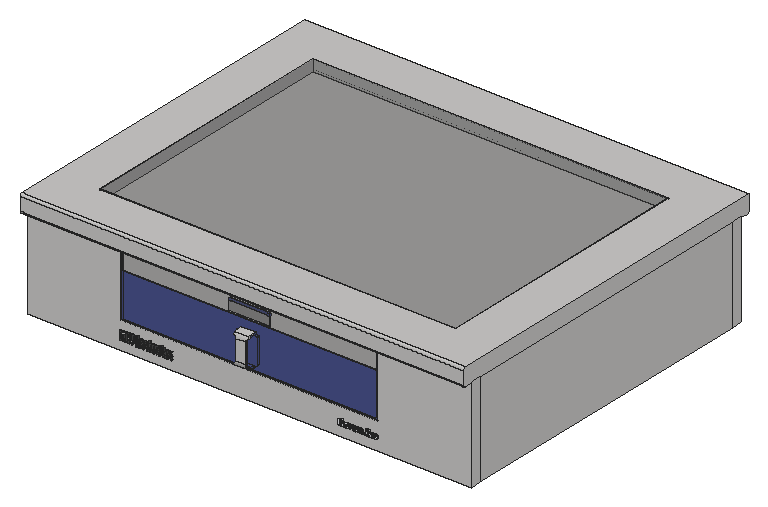
Revit family "QF_ELECTROLUXPROFESSIONAL_588096_MARBAAJOBO", category Attrezzature speciali, Revit 2020
Family settings
  Quota connettore circolare = Usa diametro
  Tipo di parte = Normale
  Basato su piano di lavoro = No
  Sempre verticale = Sì
  Taglio con vuoti quando caricato = No
  Condiviso = No
  Punto di calcolo locali = No
Parameters (values of type "Standard")
  Weight = 38.00 kg
  Watts = 950 W
  Volts = 230 V
  URL Manufacturer = "https://www.electroluxprofessional.com/"
  URL = "https://www.electroluxprofessional.com/"
  Steam Supply Size = 0"
  Steam Supply Minimum Pressure = 0.00 psi
  Steam Supply Maximum Pressure = 0.00 psi
  Steam Consumption per Hour = 0
  Refrigeration Suction Line Size = 0 mm
  Refrigeration Liquid Line Size = 0 mm
  Refrigerant Compressor Remote = yes
  Prospetto di default = 0 mm
  Phase = 1
  Modello = "MARBAAJOBO"
  Produttore = "Electrolux Professional"
  Length Actual = 1000 mm  # constant formula
  Item Number = "588096"
  Hot Water Size = 0"
  Height Actual = 250 mm  # constant formula
  HP = "1.3 HP"
  Gas Size = 0"
  Gas KW = 0
  Gas Input Pressure = 0.0 Btu/h
  Direct Waste Size = 0"
  Descrizione = "EL.WARMING PLATE,1S,1000X800X250H"
  Depth Actual = 800 mm  # constant formula
  Cycle = 50 Hz
  Condensate Return Size = 0"
  Compressed Air Volume = 0 GPM
  Compressed Air Size = 0"
  Compressed Air Pressure = 0.00 psi
  Cold Water Size = 0"
  Accessory = yes
Reference planes
  plane 1 "BACK": y = 0
  plane 2: z = 0
  plane 3 "LEFT": x = 0
  plane 4 "RIGHT": x = 1000
  plane 5 "FRONT": y = -800
  plane 6 "TOP": z = 900
  plane 7 "Center (Left/Right)": x = 500
  plane 8: y = -400
  plane 9: y = -150
  plane 10: x = 100
  plane 11: x = 900
  plane 12: y = -100
  plane 13: y = -700
  plane 14 "EIx": x = 955
  plane 15 "EIy": y = -585
  plane 16: z = 938
  plane 17 "BaseTop": z = 650
  plane 18: y = -755
Forms (mm)
  Extrusion 1, solid, material "QF_Finishes_Stainless Steel"
    sketch origin (-178.969, -4572, 100) x (-1, 0, 0) y (0, -1, 0)
      loop
        line (-178.969, -4527) -> (-178.969, -3817) -> (-1178.969, -3817) -> (-1178.969, -4527) -> (-178.969, -4527)
    from 550 to 762.969
  Extrusion 2, solid, material "QF_Finishes_Stainless Steel"
    sketch origin (0, 0, 650) x (-1, 0, 0) y (0, -1, 0)
      loop
        circle (-955, 585) r 6.35
    from 0 to -11.851
  Extrusion 3, solid, material "QF_Finishes_Stainless Steel"
    sketch origin (500, 296.4, 1219.2) x (0, 1, 0) y (0, 0, 1)
      loop
        line (-296.4, -319.2) -> (-1091.4, -319.2)
        arc (-1091.4, -319.2) -> (-1094.935, -320.664) -> (-1096.4, -324.2) r 5
        line (-1096.4, -324.2) -> (-1096.4, -355.2)
        arc (-1096.4, -355.2) -> (-1094.971, -358.264) -> (-1091.705, -359.139) r 4
        line (-1091.705, -359.139) -> (-1076.4, -356.231) -> (-316.4, -356.231) -> (-301.094, -359.139)
        arc (-301.094, -359.139) -> (-297.829, -358.264) -> (-296.4, -355.2) r 4
        line (-296.4, -355.2) -> (-296.4, -319.2)
    from -500 to 500
  Extrusion 4, solid, material "QF_Finishes_Electrolux_Black Smoke Iluminated"
    sketch origin (0, 0, 900) x (-1, 0, 0) y (0, -1, 0)
      loop
        line (-100, 100) -> (-100, 700) -> (-900, 700) -> (-900, 100) -> (-100, 100)
    from 1 to -20
  Extrusion 5, void
    sketch origin (0, 0, 900) x (-1, 0, 0) y (0, -1, 0)
      loop
        line (-100, 700) -> (-900, 700) -> (-900, 100) -> (-100, 100) -> (-100, 700)
    from 0 to -25
  Extrusion 6, solid, material "QF_Finishes_Stainless Steel"
    sketch origin (500, 296.4, 1219.2) x (0, 1, 0) y (0, 0, 1)
      loop
        line (-341.4, -569.2) -> (-316.4, -569.2) -> (-316.4, -356.231) -> (-341.4, -356.231) -> (-341.4, -569.2)
    from 500 to -500
Cuts and joins
  Extrusion 5 cuts Extrusion 3
Lines and regions (mm)
  symbolic lines
    curve 1: line (0, 0, 100) -> (1000, 0, 100)
    curve 2: line (0, -800, 100) -> (0, 0, 100)
    curve 3: line (1000, -800, 100) -> (0, -800, 100)
    curve 4: line (1000, 0, 100) -> (1000, -800, 100)
    curve 5: line (100, -700, 0) -> (900, -700, 0)
    curve 6: line (900, -700, 0) -> (900, -100, 0)
    curve 7: line (900, -100, 0) -> (100, -100, 0)
    curve 8: line (100, -100, 0) -> (100, -700, 0)
Dimensions and locks
  plane 3 "LEFT" to plane 4 "RIGHT" = 1000 mm
  locked: plane 5 "FRONT" to plane 1 "BACK" at 800
  equal spacing: plane 3 "LEFT", plane 7 "Center (Left/Right)", plane 4 "RIGHT"
  equal spacing: plane 5 "FRONT", plane 8, plane 1 "BACK"
  plane 6 "TOP" to level = 900 mm  (x2)
  plane 1 "BACK" to plane 9 = 150 mm
  plane 1 "BACK" to Extrusion 2 = 585 mm
  locked: plane 14 "EIx" to plane 4 "RIGHT" at 45
  locked: plane 15 "EIy" to plane 1 "BACK" at 585
  plane 16 to plane 6 "TOP" = 38 mm
  locked: plane 12 to plane 1 "BACK" at 100
  locked: plane 5 "FRONT" to plane 13 at 100
  plane 3 "LEFT" to plane 10 = 100 mm
  plane 11 to plane 4 "RIGHT" = 100 mm
  locked: plane 6 "TOP" to plane 17 "BaseTop" at 250
  locked: plane 18 to plane 5 "FRONT" at 45
  aligned and locked: level to plane 2
  aligned and locked: cut or joined group of Extrusion 3, Extrusion 5 to plane 3 "LEFT"
  aligned and locked: cut or joined group of Extrusion 3, Extrusion 5 to plane 4 "RIGHT"
  aligned and locked: Extrusion 5 sketch curve to plane 10
  aligned and locked: plane 12 to Extrusion 5 sketch curve
  aligned and locked: plane 11 to Extrusion 5 sketch curve
  aligned and locked: Extrusion 5 sketch curve to plane 13
  aligned and locked: plane 12 to Extrusion 4 sketch curve
  aligned and locked: Extrusion 4 sketch curve to plane 10
  aligned and locked: Extrusion 4 sketch curve to plane 13
  aligned and locked: plane 11 to Extrusion 4 sketch curve
  aligned and locked: nested 1 to plane 18
  aligned and locked: Extrusion 1 to plane 18
  aligned and locked: Extrusion 6 to plane 4 "RIGHT"
  aligned and locked: Extrusion 6 to plane 3 "LEFT"
Automatic sketch dimensions
  Extrusion 3 sketch curve to plane 5 "FRONT" = 0 mm
  Extrusion 3 sketch curve to plane 6 "TOP" = 0 mm
  Extrusion 3 sketch curve to plane 1 "BACK" = 0 mm
  Extrusion 3 sketch curve to plane 5 "FRONT" = 4 mm
  Extrusion 3 sketch curve to Extrusion 3 sketch curve = 0.695 mm
  Extrusion 3 sketch curve to plane 5 "FRONT" = 5 mm
  Extrusion 3 sketch curve to Extrusion 3 sketch curve = 15.305 mm
  plane 1 "BACK" to Extrusion 3 sketch curve = 20 mm
  plane 1 "BACK" to Extrusion 3 sketch curve = 4.695 mm
  Extrusion 3 sketch curve to Extrusion 3 sketch curve = 4 mm
  Extrusion 3 sketch curve to Extrusion 3 sketch curve = 31 mm
  Extrusion 3 sketch curve to plane 6 "TOP" = 36 mm
  Extrusion 3 sketch curve to Extrusion 3 sketch curve = 2.909 mm
  Extrusion 1 sketch curve to plane 4 "RIGHT" = 0 mm
  Extrusion 1 sketch curve to plane 3 "LEFT" = 0 mm
  plane 1 "BACK" to Extrusion 1 sketch curve = 45 mm
  plane 1 "BACK" to curve 1 = 0 mm
  curve 1 to plane 4 "RIGHT" = 0 mm
  curve 2 to plane 3 "LEFT" = 0 mm
  plane 5 "FRONT" to curve 3 = 0 mm
  curve 5 to plane 10 = 0 mm
  curve 5 to plane 11 = 0 mm
  plane 13 to curve 6 = 0 mm
  plane 12 to curve 6 = 0 mm
  Extrusion 2 sketch curve to plane 14 "EIx" = 0 mm
  Extrusion 2 sketch curve to plane 15 "EIy" = 0 mm
  Extrusion 1 sketch curve to plane 5 "FRONT" = 45 mm
  Extrusion 6 sketch curve to plane 17 "BaseTop" = 0 mm
  plane 1 "BACK" to Extrusion 6 sketch curve = 45 mm
  plane 1 "BACK" to Extrusion 6 sketch curve = 20 mm
  Extrusion 6 sketch curve to plane 6 "TOP" = 37.031 mm
  radius of Extrusion 2 sketch curve = 6.35 mm
Nested families
  nested 1: "Front_Panel_W1000_1 Knob" at (302.376, -755, 0), type "Front_Panel_W1000_1 Knob"
Connectors
  electrical at (955, -585, 638.149)
    settings: on Extrusion 2, index 1, voltage 400 V, apparent load 33000 VA, apparent load phase1 0 VA, apparent load phase2 0 VA, apparent load phase3 0 VA, power factor 1, load classification "Other", number of poles 1, system type 30, power factor state 1, is connector primary yes, connector utility no, sub classification motor no, connector description "ELECTRICAL CONNECTION"
Definition of nested family "Front_Panel_W1000_1 Knob"
  Parameters
    Width = 1000 mm
    Default Elevation = 0 mm
  Reference planes
    plane 1 "Center (Front/Back)": y = 0
    plane 2: z = 0
    plane 3 "Center (Left/Right)": x = 197.624
    plane 4 "Left": x = -302.376
    plane 5 "Right": x = 697.624
    plane 6: y = -45
    plane 7: y = -25
    plane 8: x = 487.624
    plane 9: x = -92.376
  Forms (mm)
    Extrusion 1, solid
      sketch origin (833.217, 829.203, -1.25) x (0, 1, 0) y (0, 0, 1)
        loop
          line (-854.203, 651.25) -> (-829.203, 651.25) -> (-829.203, 864.25) -> (-854.203, 864.25) -> (-854.203, 651.25)
      from -1135.593 to -135.593
    Extrusion 2, void
      sketch origin (0, 0, 0) x (1, 0, 0) y (0, 0, 1)
        loop
          line (-92.376, 853.866) -> (-92.376, 711.866) -> (487.624, 711.866) -> (487.624, 853.866) -> (-92.376, 853.866)
      from 19.387 to 33.951
  Cuts and joins
    Extrusion 2 cuts Extrusion 1
  Dimensions and locks
    equal spacing: plane 5 "Right", plane 3 "Center (Left/Right)", plane 4 "Left"
    "Width": plane 5 "Right" to plane 4 "Left"
    aligned and locked: cut or joined group of Extrusion 1, Extrusion 2 to plane 4 "Left"
    aligned and locked: plane 5 "Right" to cut or joined group of Extrusion 1, Extrusion 2
    aligned and locked: plane 3 "Center (Left/Right)" to nested 1
    aligned and locked: cut or joined group of Extrusion 1, Extrusion 2 to nested 1
    aligned and locked: plane 9 to Extrusion 2 sketch curve
    aligned and locked: Extrusion 2 sketch curve to plane 8
    aligned and locked: plane 9 to cut or joined group of Extrusion 1, Extrusion 2
    aligned and locked: plane 8 to cut or joined group of Extrusion 1, Extrusion 2
    aligned and locked: nested 4 to plane 9
  Automatic sketch dimensions
    Extrusion 1 sketch curve to plane 1 "Center (Front/Back)" = 0 mm
    level to Extrusion 1 sketch curve = 650 mm
    level to Extrusion 2 sketch curve = 711.866 mm
    Extrusion 2 sketch curve to Extrusion 2 sketch curve = 142 mm
    Extrusion 1 sketch curve to plane 6 = 20 mm
    Extrusion 1 sketch curve to Extrusion 1 sketch curve = 213 mm
  Nested families
    nested 1: "Front glass control panel W580_1 Knob" at (197.624, 280.644, 2.752), type "Front glass control panel W580_1 Knob"
    nested 2: "Range Control Handle" at (197.624, -28.137, -209.113) x (-1, 0, 0) z (0, 0, 1), type "Range Control Handle"
    nested 3: "ELX_ThermaLine_Small" at (439.031, -25, 679.426) x (1, 0, 0) z (0, -1, 0), type "ELX_ThermaLine_Small"
      with Show Logo yes, Material_Logo none
    nested 4: "ELX_Professional_Logo_Small" at (-32.89, -25, 681.659) x (1, 0, 0) z (0, -1, 0), type "ELX_Professional_Logo_Small"
      with Show Logo yes, Material_Logo none
  Definition of nested family "Front glass control panel W580_1 Knob"
    Parameters
      Default Elevation = 0 mm
    Reference planes
      plane 1 "Center (Front/Back)": y = 0
      plane 2: z = 0
      plane 3 "Center (Left/Right)": x = 0
    Forms (mm)
      Extrusion 1, solid
        sketch origin (378.286, 0, 0.617) x (1, 0, 0) y (0, 0, 1)
          loop
            line (-668.286, 806.791) -> (-668.286, 708.497) -> (-88.286, 708.497) -> (-88.286, 806.791) -> (-668.286, 806.791)
        from 300.031 to 304.8
      Extrusion 2, solid
        sketch origin (378.286, 0, 0.617) x (1, 0, 0) y (0, 0, 1)
          loop
            line (-668.286, 850.497) -> (-668.286, 806.791) -> (-88.286, 806.791) -> (-88.286, 850.497) -> (-668.286, 850.497)
        from 300.031 to 304.8
      Extrusion 3, void
        sketch origin (378.286, 0, 0.617) x (1, 0, 0) y (0, 0, 1)
          loop
            line (-665.628, 847.565) -> (-665.628, 710.699) -> (-91.196, 710.699) -> (-91.196, 847.565) -> (-665.628, 847.565)
        from 303.697 to 304.8
      Extrusion 4, solid
        sketch origin (308.309, 1.101, -0.633) x (1, 0, 0) y (0, 0, 1)
          loop
            line (-261.431, 812.62) -> (-261.431, 834.177) -> (-266.24, 834.177) -> (-268.039, 835.977) -> (-348.469, 835.977) -> (-350.269, 834.177) -> (-355.186, 834.177) -> (-355.186, 812.62) -> (-261.431, 812.62)
        from 304.798 to 306.745
      Extrusion 5, solid
        sketch origin (308.309, 1.101, -0.633) x (1, 0, 0) y (0, 0, 1)
          loop
            line (-350.269, 834.177) -> (-348.469, 835.977) -> (-268.039, 835.977) -> (-266.24, 834.177) -> (-261.529, 834.177)
            arc (-261.529, 834.177) -> (-262.706, 838.752) -> (-266.98, 840.763) r 5.549
            line (-266.98, 840.763) -> (-349.686, 840.763)
            arc (-349.686, 840.763) -> (-353.942, 838.747) -> (-355.078, 834.177) r 5.5
            line (-355.078, 834.177) -> (-350.269, 834.177)
        from 304.798 to 306.745
    Cuts and joins
      Extrusion 3 cuts Extrusion 1
      Extrusion 3 cuts Extrusion 2
    Dimensions and locks
      equal spacing: cut or joined group of Extrusion 2, Extrusion 3, plane 3 "Center (Left/Right)", cut or joined group of Extrusion 2, Extrusion 3
      cut or joined group of Extrusion 2, Extrusion 3 to cut or joined group of Extrusion 2, Extrusion 3 = 580 mm
      aligned and locked: Extrusion 1 to Extrusion 2
      aligned and locked: Extrusion 5 sketch curve to Extrusion 4  (x4)
      aligned and locked: Extrusion 4 to Extrusion 5 sketch curve
      aligned and locked: Extrusion 5 to Extrusion 4
    Automatic sketch dimensions
      Extrusion 1 sketch curve to plane 3 "Center (Left/Right)" = 290 mm
      plane 3 "Center (Left/Right)" to Extrusion 1 sketch curve = 290 mm
      level to Extrusion 1 sketch curve = 709.114 mm
      Extrusion 1 sketch curve to Extrusion 1 sketch curve = 98.294 mm
      Extrusion 2 sketch curve to plane 3 "Center (Left/Right)" = 290 mm
      plane 3 "Center (Left/Right)" to Extrusion 2 sketch curve = 290 mm
      level to Extrusion 2 sketch curve = 807.408 mm
      Extrusion 2 sketch curve to Extrusion 2 sketch curve = 43.706 mm
      Extrusion 3 sketch curve to plane 3 "Center (Left/Right)" = 287.342 mm
      plane 3 "Center (Left/Right)" to Extrusion 3 sketch curve = 287.091 mm
      level to Extrusion 3 sketch curve = 711.316 mm
      Extrusion 3 sketch curve to Extrusion 3 sketch curve = 136.866 mm
      Extrusion 4 sketch curve to plane 3 "Center (Left/Right)" = 46.877 mm
      Extrusion 4 sketch curve to Extrusion 4 sketch curve = 4.917 mm
      Extrusion 4 sketch curve to Extrusion 4 sketch curve = 1.8 mm  (x3)
      plane 3 "Center (Left/Right)" to Extrusion 4 sketch curve = 40.269 mm
      Extrusion 4 sketch curve to Extrusion 4 sketch curve = 4.809 mm
      level to Extrusion 4 sketch curve = 811.987 mm
      Extrusion 4 sketch curve to Extrusion 4 sketch curve = 21.557 mm  (x2)
      Extrusion 5 sketch curve to Extrusion 5 sketch curve = 4.809 mm
      Extrusion 5 sketch curve to Extrusion 5 sketch curve = 0.583 mm
      plane 3 "Center (Left/Right)" to Extrusion 5 sketch curve = 40.269 mm
      Extrusion 5 sketch curve to Extrusion 5 sketch curve = 1.059 mm
      Extrusion 5 sketch curve to Extrusion 5 sketch curve = 0.741 mm
      Extrusion 5 sketch curve to Extrusion 5 sketch curve = 4.711 mm
      Extrusion 5 sketch curve to Extrusion 5 sketch curve = 1.037 mm
  Definition of nested family "Range Control Handle"
    Parameters
      Default Elevation = 0 mm
    Reference planes
      plane 1 "Center (Front/Back)": y = 0
      plane 2: z = 0
      plane 3 "Center (Left/Right)": x = 0
      plane 4: z = 971.092
      plane 5: y = -16.9
    Forms (mm)
      Extrusion 1, solid
        sketch origin (-746.28, 380.497, 208.931) x (-1, 0, 0) y (0, 0, 1)
          loop
            line (-770.101, 786.798) -> (-770.101, 731.649)
            arc (-770.101, 731.649) -> (-769.759, 730.563) -> (-768.855, 729.87) r 1.893
            line (-768.855, 729.87) -> (-763.474, 727.911) -> (-729.81, 727.911) -> (-724.428, 729.87)
            arc (-724.428, 729.87) -> (-723.525, 730.563) -> (-723.183, 731.649) r 1.893
            line (-723.183, 731.649) -> (-723.183, 786.798)
            arc (-723.183, 786.798) -> (-723.529, 787.894) -> (-724.44, 788.593) r 1.91
            line (-724.44, 788.593) -> (-729.683, 790.819) -> (-763.601, 790.819) -> (-768.844, 788.593)
            arc (-768.844, 788.593) -> (-769.755, 787.894) -> (-770.101, 786.798) r 1.91
        from -382.35 to -378.852
      Sweep 2, solid
        path origin (-746.788, 380.496, 208.091) x (0, -1, 0) y (0, 0, 1)
          loop
            line (379.775, 793.281) -> (395.661, 791.048)
            arc (395.661, 791.048) -> (397.781, 787.377) -> (398.517, 783.202) r 12.207
            line (398.517, 783.202) -> (398.517, 737.368)
            arc (398.517, 737.368) -> (397.781, 733.193) -> (395.661, 729.522) r 12.207
            line (395.661, 729.522) -> (379.775, 727.289)
        profile origin (-746.788, -7.222, 1000.256) x (0, -0.139173, 0.990268) y (-1, 0, 0)
          loop
            line (0.782, -763.123) -> (0.782, -730.907) -> (-1.322, -730.907) -> (-1.322, -763.123) -> (0.782, -763.123)
      Sweep 3, solid
        path origin (-746.788, 380.715, 207.832) x (0, -1, 0) y (0, 0, 1)
          loop
            line (380.478, 795.442) -> (397.218, 793.09)
            arc (397.218, 793.09) -> (399.929, 788.473) -> (400.871, 783.202) r 15.207
            line (400.871, 783.202) -> (400.871, 737.584)
            arc (400.871, 737.584) -> (399.914, 732.274) -> (397.164, 727.633) r 15.207
            line (397.164, 727.633) -> (380.601, 725.305)
        profile origin (-746.788, -8.132, 1002.099) x (0, -0.139173, 0.990268) y (-1, 0, 0)
          loop
            line (0.782, -763.123) -> (0.782, -730.907) -> (-1.322, -730.907) -> (-1.322, -763.123) -> (0.782, -763.123)
      Extrusion 4, void
        sketch origin (889.253, 220.666, 207.993) x (1, 0, 0) y (0, 0, 1)
          loop
            line (-943.038, 816.854) -> (-943.038, 703.686) -> (-899.466, 734.196) -> (-899.466, 786.344) -> (-943.038, 816.854)
        from 230.636 to 242.25
      Extrusion 5, void
        sketch origin (-888.8, 220.666, 207.993) x (-1, 0, 0) y (0, 0, -1)
          loop
            line (-943.038, -816.854) -> (-899.466, -786.344) -> (-899.466, -734.196) -> (-943.038, -703.686) -> (-943.038, -816.854)
        from 230.636 to 242.25
      Extrusion 6, solid
        sketch origin (0, 0, 0) x (1, 0, 0) y (0, 0, 1)
          loop
            circle (0, 971.092) r 7.736
        from -3.137 to -1.645
    Cuts and joins
      Extrusion 4, Extrusion 5 cuts Sweep 3
      Extrusion 4, Extrusion 5 cuts Sweep 2
      joined: Extrusion 1, Extrusion 6
    Lines and regions (mm)
      symbolic lines
        curve 1: line (16.334, -16.9, 0) -> (16.334, -19.227, 0)
        curve 2: spline (16.334, -19.227, 0) -> (15.87, -19.385, 0) -> (15.404, -19.536, 0) -> (14.936, -19.678, 0) -> (14.466, -19.813, 0) -> (13.995, -19.94, 0) -> (13.523, -20.059, 0) -> (13.049, -20.171, 0) -> (12.575, -20.274, 0) -> (12.099, -20.37, 0) -> (11.622, -20.458, 0) -> (11.144, -20.537, 0) -> (10.666, -20.609, 0)
        curve 3: line (10.666, -16.9, 0) -> (10.666, -20.938, 0)
        curve 4: line (-10.213, -20.938, 0) -> (10.666, -20.938, 0)
        curve 5: line (-10.213, -20.938, 0) -> (-10.213, -16.9, 0)
        curve 6: spline (-10.213, -20.609, 0) -> (-10.691, -20.537, 0) -> (-11.169, -20.458, 0) -> (-11.646, -20.37, 0) -> (-12.122, -20.274, 0) -> (-12.597, -20.171, 0) -> (-13.07, -20.059, 0) -> (-13.542, -19.94, 0) -> (-14.013, -19.813, 0) -> (-14.483, -19.678, 0) -> (-14.951, -19.536, 0) -> (-15.417, -19.385, 0) -> (-15.881, -19.227, 0)
        curve 7: line (-15.881, -19.227, 0) -> (-15.881, -16.9, 0)
  Definition of nested family "ELX_ThermaLine_Small"
    Parameters
      Show Logo [instance] = yes
      Material_Logo [instance] = none
      Default Elevation = 0 mm
    Reference planes
      plane 1 "Centro (Fronte/Retro)": y = 0
      plane 2: z = 0
      plane 3 "Centro (Sinistra/Destra)": x = 0
    Forms (mm)
      Extrusion 1, solid
        sketch origin (0, 0, 0) x (1, 0, 0) y (0, 1, 0)
          loop
            line (-1219.2, 1219.2) -> (-1219.2, -1219.2) -> (1219.2, -1219.2) -> (1219.2, 1219.2) -> (-1219.2, 1219.2)
        from 0 to -304.8
      Extrusion 2, solid
        sketch origin (0, 0, 0) x (1, 0, 0) y (0, 1, 0)
          loop
            line (-37.494, 1.229) -> (-35.908, 1.229) -> (-35.908, 3.066) -> (-37.494, 3.066) -> (-37.494, 6.221) -> (-39.867, 4.881) -> (-39.867, 3.066) -> (-40.969, 3.066) -> (-40.969, 1.229) -> (-39.867, 1.229) -> (-39.867, -3.407)
            arc (-39.867, -3.407) -> (-38.982, -5.513) -> (-36.751, -6.001) r 2.478
            line (-36.751, -6.001) -> (-35.638, -5.7) -> (-35.9, -3.835) -> (-36.661, -4.039)
            arc (-36.661, -4.039) -> (-37.236, -3.924) -> (-37.494, -3.399) r 0.662
            line (-37.494, -3.399) -> (-37.494, 1.229)
          loop
            line (-34.242, 6.539) -> (-34.242, -5.848) -> (-31.854, -5.848) -> (-31.854, -0.078)
            arc (-31.854, -0.078) -> (-30.939, 1.249) -> (-29.33, 1.367) r 1.866
            arc (-29.33, 1.367) -> (-28.695, 0.768) -> (-28.461, -0.073) r 1.627
            line (-28.461, -0.073) -> (-28.461, -5.848) -> (-26.086, -5.848) -> (-26.064, -0.46)
            arc (-26.064, -0.46) -> (-26.261, 0.932) -> (-26.786, 2.237) r 5.825
            arc (-26.786, 2.237) -> (-29.381, 3.264) -> (-31.854, 1.971) r 3.353
            line (-31.854, 1.971) -> (-31.854, 6.539) -> (-34.242, 6.539)
          loop
            arc (-18.398, -0.598) -> (-18.893, 0.879) -> (-20.326, 1.487) r 1.897
            arc (-20.326, 1.487) -> (-21.461, 0.708) -> (-21.897, -0.598) r 2.164
            line (-21.897, -0.598) -> (-18.398, -0.598)
          loop
            arc (-16.021, -2.044) -> (-16.754, 1.227) -> (-19.444, 3.226) r 4.814
            arc (-19.444, 3.226) -> (-22.137, 2.788) -> (-23.943, 0.743) r 4.054
            arc (-23.943, 0.743) -> (-24.382, -1.249) -> (-24.162, -3.276) r 6.289
            arc (-24.162, -3.276) -> (-23.302, -4.71) -> (-21.958, -5.705) r 4.28
            arc (-21.958, -5.705) -> (-18.558, -5.814) -> (-16.152, -3.409) r 4.28
            line (-16.152, -3.409) -> (-18.5, -2.995)
            arc (-18.5, -2.995) -> (-19.273, -3.994) -> (-20.533, -4.076) r 1.536
            arc (-20.533, -4.076) -> (-21.56, -3.281) -> (-21.958, -2.044) r 2.197
            line (-21.958, -2.044) -> (-16.021, -2.044)
          loop
            line (-14.165, -5.848) -> (-11.819, -5.848) -> (-11.819, -2.138)
            arc (-11.819, -2.138) -> (-11.787, -1.156) -> (-11.637, -0.185) r 8.18
            arc (-11.637, -0.185) -> (-10.644, 0.972) -> (-9.132, 0.776) r 1.603
            line (-9.132, 0.776) -> (-8.419, 2.846)
            arc (-8.419, 2.846) -> (-10.432, 3.118) -> (-11.994, 1.821) r 2.527
            line (-11.994, 1.821) -> (-11.994, 3.094) -> (-14.165, 3.094) -> (-14.165, -5.848)
          loop
            line (-7.579, 3.094) -> (-7.579, -5.848) -> (-5.178, -5.848) -> (-5.178, -0.756)
            arc (-5.178, -0.756) -> (-4.727, 0.679) -> (-3.417, 1.419) r 2.05
            arc (-3.417, 1.419) -> (-2.499, 0.908) -> (-2.155, -0.085) r 1.471
            line (-2.155, -0.085) -> (-2.155, -5.848) -> (0.23, -5.848) -> (0.23, -1.001)
            arc (0.23, -1.001) -> (0.47, 0.127) -> (1.148, 1.061) r 2.775
            arc (1.148, 1.061) -> (2.225, 1.329) -> (3.05, 0.587) r 1.182
            arc (3.05, 0.587) -> (3.199, -0.019) -> (3.214, -0.642) r 2.894
            line (3.214, -0.642) -> (3.214, -5.848) -> (5.601, -5.848) -> (5.601, 0.261)
            arc (5.601, 0.261) -> (4.87, 2.263) -> (2.976, 3.241) r 2.932
            arc (2.976, 3.241) -> (1.284, 2.973) -> (-0.047, 1.896) r 3.309
            arc (-0.047, 1.896) -> (-1.116, 2.865) -> (-2.506, 3.258) r 3.16
            arc (-2.506, 3.258) -> (-4.105, 2.942) -> (-5.376, 1.92) r 3.419
            line (-5.376, 1.92) -> (-5.376, 3.094) -> (-7.579, 3.094)
          loop
            line (7.583, 0.738) -> (9.702, 0.364)
            arc (9.702, 0.364) -> (11.441, 1.492) -> (12.855, -0.023) r 1.613
            line (12.855, -0.023) -> (9.782, -0.789)
            arc (9.782, -0.789) -> (8.559, -1.346) -> (7.617, -2.305) r 3.687
            arc (7.617, -2.305) -> (7.499, -3.681) -> (7.901, -5.003) r 3.651
            arc (7.901, -5.003) -> (9.107, -5.766) -> (10.515, -6.006) r 3.635
            arc (10.515, -6.006) -> (11.898, -5.697) -> (13.067, -4.895) r 3.734
            line (13.067, -4.895) -> (13.376, -5.848) -> (15.75, -5.848) -> (15.212, -4.193) -> (15.212, 0.38)
            arc (15.212, 0.38) -> (14.897, 1.849) -> (13.818, 2.895) r 2.585
            arc (13.818, 2.895) -> (11.792, 3.442) -> (9.719, 3.11) r 5.005
            arc (9.719, 3.11) -> (8.369, 2.178) -> (7.583, 0.738) r 3.54
          loop
            line (19.723, -5.848) -> (22.233, -5.848) -> (24.854, 6.484) -> (22.345, 6.484) -> (19.723, -5.848)
          loop
            line (24.583, -5.848) -> (26.953, -5.848) -> (28.848, 3.066) -> (26.478, 3.066) -> (24.583, -5.848)
          loop
            line (27.204, 6.484) -> (26.741, 4.305) -> (29.111, 4.305) -> (29.575, 6.484) -> (27.204, 6.484)
          loop
            line (29.355, -5.848) -> (31.849, -5.848) -> (33.098, 0.028)
            arc (33.098, 0.028) -> (34.169, 1.306) -> (35.832, 1.422) r 2.132
            arc (35.832, 1.422) -> (36.324, 0.752) -> (36.383, -0.078) r 1.5
            line (36.383, -0.078) -> (35.157, -5.848) -> (37.536, -5.848) -> (38.936, 0.738)
            arc (38.936, 0.738) -> (38.775, 2.091) -> (37.825, 3.066) r 2.118
            arc (37.825, 3.066) -> (35.392, 3.175) -> (33.295, 1.937) r 4.271
            line (33.295, 1.937) -> (33.535, 3.066) -> (31.25, 3.066) -> (29.355, -5.848)
          loop
            line (42.792, -0.64) -> (46.589, -0.64)
            arc (46.589, -0.64) -> (46.639, 0.124) -> (46.327, 0.823) r 1.589
            arc (46.327, 0.823) -> (45.117, 1.521) -> (43.762, 1.183) r 1.865
            arc (43.762, 1.183) -> (43.141, 0.344) -> (42.792, -0.64) r 3.538
          loop
            line (42.565, -2.138) -> (48.593, -2.138)
            arc (48.593, -2.138) -> (48.58, 0.597) -> (46.983, 2.818) r 4.494
            arc (46.983, 2.818) -> (44.191, 3.28) -> (41.725, 1.891) r 4.26
            arc (41.725, 1.891) -> (40.503, -0.3) -> (40.284, -2.799) r 6.003
            arc (40.284, -2.799) -> (40.959, -4.468) -> (42.377, -5.576) r 3.482
            arc (42.377, -5.576) -> (44.265, -5.961) -> (46.152, -5.576) r 4.823
            arc (46.152, -5.576) -> (47.432, -4.731) -> (48.328, -3.485) r 4.245
            line (48.328, -3.485) -> (46.168, -3.105)
            arc (46.168, -3.105) -> (45.214, -4.072) -> (43.859, -4.181) r 1.953
            arc (43.859, -4.181) -> (42.821, -3.408) -> (42.565, -2.138) r 1.81
          loop
            line (12.868, -1.553) -> (10.216, -2.214)
            arc (10.216, -2.214) -> (9.747, -3.136) -> (10.216, -4.058) r 1.14
            arc (10.216, -4.058) -> (11.537, -4.249) -> (12.614, -3.46) r 1.763
            arc (12.614, -3.46) -> (12.858, -2.522) -> (12.868, -1.553) r 3.97
        from 0 to 1.6
    Dimensions and locks
      aligned and locked: plane 2 to Extrusion 1
      aligned and locked: level to Extrusion 1
  Definition of nested family "ELX_Professional_Logo_Small"
    Parameters
      Show Logo [instance] = yes
      Material_Logo [instance] = none
      Default Elevation = 0 mm
    Reference planes
      plane 1 "Centro (Fronte/Retro)": y = 0
      plane 2: z = 0
      plane 3 "Centro (Sinistra/Destra)": x = 0
    Forms (mm)
      Extrusion 1, solid
        sketch origin (0, 0, 0) x (1, 0, 0) y (0, 1, 0)
          loop
            line (-1219.2, 1219.2) -> (-1219.2, -1219.2) -> (1219.2, -1219.2) -> (1219.2, 1219.2) -> (-1219.2, 1219.2)
        from 0 to -304.8
      Extrusion 2, solid, material <- "Material_Logo"
        sketch origin (15.5, 0, 0) x (1, 0, 0) y (0, 1, 0)
          loop
            spline (-42.99, -1.24) -> (-43.195, -1.231) -> (-43.415, -1.203) -> (-43.642, -1.152) -> (-43.87, -1.074) -> (-44.095, -0.966) -> (-44.309, -0.825) -> (-44.506, -0.647) -> (-44.681, -0.429) -> (-44.828, -0.167) -> (-44.94, 0.142) -> (-45.011, 0.501) -> (-45.037, 0.915)
            line (-45.037, 0.915) -> (-45.037, 2.748) -> (-38.984, 2.748) -> (-38.984, 5.086) -> (-45.038, 5.086) -> (-45.038, 8.489) -> (-38.599, 8.489) -> (-38.599, 10.82) -> (-47.515, 10.82) -> (-47.515, 1.021)
            spline (-47.515, 1.021) -> (-47.493, 0.418) -> (-47.425, -0.15) -> (-47.311, -0.682) -> (-47.15, -1.175) -> (-46.939, -1.628) -> (-46.678, -2.038) -> (-46.365, -2.404) -> (-46, -2.723) -> (-45.58, -2.995) -> (-45.105, -3.216) -> (-44.573, -3.385) -> (-43.983, -3.499)
            line (-43.983, -3.499) -> (-43.01, -3.569) -> (-38.426, -3.569) -> (-38.426, -1.24) -> (-42.99, -1.24)
          loop
            line (-36.666, 4.021) -> (-36.666, -3.573) -> (-34.188, -3.573) -> (-34.188, 10.824) -> (-36.666, 10.824) -> (-36.666, 4.021)
          loop
            spline (-21.915, 1.897) -> (-21.957, 2.615) -> (-22.082, 3.303) -> (-22.285, 3.955) -> (-22.563, 4.564) -> (-22.913, 5.124) -> (-23.331, 5.629) -> (-23.814, 6.074) -> (-24.359, 6.451) -> (-24.961, 6.755) -> (-25.618, 6.98) -> (-26.326, 7.119) -> (-27.081, 7.167)
            spline (-27.081, 7.167) -> (-27.853, 7.122) -> (-28.586, 6.99) -> (-29.275, 6.774) -> (-29.915, 6.478) -> (-30.5, 6.104) -> (-31.024, 5.657) -> (-31.483, 5.138) -> (-31.871, 4.553) -> (-32.182, 3.904) -> (-32.411, 3.194) -> (-32.552, 2.427) -> (-32.6, 1.606)
            spline (-32.6, 1.606) -> (-32.553, 0.805) -> (-32.416, 0.057) -> (-32.193, -0.637) -> (-31.887, -1.271) -> (-31.504, -1.843) -> (-31.048, -2.35) -> (-30.523, -2.788) -> (-29.934, -3.154) -> (-29.284, -3.444) -> (-28.579, -3.656) -> (-27.822, -3.785) -> (-27.019, -3.829)
            spline (-27.019, -3.829) -> (-26.627, -3.82) -> (-26.239, -3.79) -> (-25.856, -3.739) -> (-25.477, -3.663) -> (-25.103, -3.562) -> (-24.734, -3.432) -> (-24.369, -3.273) -> (-24.01, -3.082) -> (-23.655, -2.858) -> (-23.305, -2.597) -> (-22.96, -2.299) -> (-22.621, -1.962)
            line (-22.621, -1.962) -> (-24.114, -0.509)
            spline (-24.114, -0.509) -> (-24.311, -0.699) -> (-24.509, -0.872) -> (-24.71, -1.03) -> (-24.915, -1.172) -> (-25.126, -1.297) -> (-25.346, -1.407) -> (-25.576, -1.5) -> (-25.817, -1.576) -> (-26.072, -1.636) -> (-26.342, -1.678) -> (-26.629, -1.704) -> (-26.936, -1.713)
            spline (-26.936, -1.713) -> (-27.384, -1.691) -> (-27.805, -1.625) -> (-28.196, -1.518) -> (-28.556, -1.372) -> (-28.882, -1.187) -> (-29.174, -0.966) -> (-29.429, -0.71) -> (-29.645, -0.422) -> (-29.821, -0.102) -> (-29.955, 0.247) -> (-30.045, 0.623) -> (-30.089, 1.026)
            line (-30.089, 1.026) -> (-21.956, 1.026) -> (-21.915, 1.897)
          loop
            spline (-24.446, 2.769) -> (-24.47, 3.075) -> (-24.54, 3.37) -> (-24.654, 3.65) -> (-24.807, 3.913) -> (-24.996, 4.156) -> (-25.219, 4.376) -> (-25.472, 4.57) -> (-25.753, 4.736) -> (-26.057, 4.869) -> (-26.382, 4.968) -> (-26.724, 5.03) -> (-27.081, 5.051)
            spline (-27.081, 5.051) -> (-27.464, 5.03) -> (-27.832, 4.97) -> (-28.183, 4.872) -> (-28.513, 4.74) -> (-28.819, 4.577) -> (-29.099, 4.384) -> (-29.347, 4.165) -> (-29.563, 3.923) -> (-29.742, 3.659) -> (-29.881, 3.377) -> (-29.977, 3.079) -> (-30.027, 2.769)
            line (-30.027, 2.769) -> (-24.446, 2.769)
          loop
            spline (-18.167, 1.669) -> (-18.138, 2.13) -> (-18.055, 2.567) -> (-17.921, 2.978) -> (-17.739, 3.358) -> (-17.512, 3.705) -> (-17.243, 4.016) -> (-16.937, 4.287) -> (-16.596, 4.517) -> (-16.223, 4.7) -> (-15.823, 4.835) -> (-15.398, 4.919) -> (-14.951, 4.947)
            spline (-14.951, 4.947) -> (-14.677, 4.938) -> (-14.414, 4.913) -> (-14.162, 4.871) -> (-13.921, 4.812) -> (-13.69, 4.738) -> (-13.467, 4.649) -> (-13.254, 4.544) -> (-13.048, 4.424) -> (-12.85, 4.291) -> (-12.659, 4.143) -> (-12.474, 3.981) -> (-12.295, 3.806)
            line (-12.295, 3.806) -> (-10.76, 5.403)
            spline (-10.76, 5.403) -> (-11.065, 5.709) -> (-11.38, 5.984) -> (-11.703, 6.228) -> (-12.035, 6.443) -> (-12.375, 6.63) -> (-12.723, 6.788) -> (-13.078, 6.92) -> (-13.44, 7.026) -> (-13.809, 7.107) -> (-14.184, 7.164) -> (-14.564, 7.198) -> (-14.951, 7.209)
            spline (-14.951, 7.209) -> (-15.725, 7.161) -> (-16.467, 7.02) -> (-17.169, 6.792) -> (-17.826, 6.482) -> (-18.43, 6.096) -> (-18.976, 5.637) -> (-19.455, 5.112) -> (-19.862, 4.525) -> (-20.19, 3.882) -> (-20.433, 3.189) -> (-20.584, 2.449) -> (-20.635, 1.669)
            spline (-20.635, 1.669) -> (-20.584, 0.889) -> (-20.433, 0.149) -> (-20.19, -0.545) -> (-19.862, -1.187) -> (-19.455, -1.774) -> (-18.976, -2.299) -> (-18.43, -2.758) -> (-17.826, -3.145) -> (-17.169, -3.454) -> (-16.467, -3.682) -> (-15.725, -3.823) -> (-14.951, -3.871)
            spline (-14.951, -3.871) -> (-14.564, -3.86) -> (-14.184, -3.826) -> (-13.809, -3.77) -> (-13.44, -3.689) -> (-13.078, -3.583) -> (-12.723, -3.451) -> (-12.375, -3.292) -> (-12.035, -3.105) -> (-11.703, -2.89) -> (-11.38, -2.646) -> (-11.065, -2.371) -> (-10.76, -2.066)
            line (-10.76, -2.066) -> (-12.295, -0.468)
            spline (-12.295, -0.468) -> (-12.474, -0.643) -> (-12.659, -0.805) -> (-12.85, -0.953) -> (-13.048, -1.087) -> (-13.254, -1.206) -> (-13.467, -1.311) -> (-13.69, -1.4) -> (-13.921, -1.475) -> (-14.162, -1.533) -> (-14.414, -1.575) -> (-14.677, -1.6) -> (-14.951, -1.609)
            spline (-14.951, -1.609) -> (-15.398, -1.581) -> (-15.823, -1.497) -> (-16.223, -1.362) -> (-16.596, -1.179) -> (-16.937, -0.95) -> (-17.243, -0.678) -> (-17.512, -0.367) -> (-17.739, -0.02) -> (-17.921, 0.36) -> (-18.055, 0.771) -> (-18.138, 1.208) -> (-18.167, 1.669)
          loop
            spline (-4.441, -1.243) -> (-4.659, -1.247) -> (-4.894, -1.23) -> (-5.137, -1.19) -> (-5.384, -1.121) -> (-5.628, -1.021) -> (-5.864, -0.884) -> (-6.084, -0.708) -> (-6.283, -0.488) -> (-6.454, -0.219) -> (-6.592, 0.101) -> (-6.69, 0.478) -> (-6.742, 0.914)
            line (-6.742, 0.914) -> (-6.742, 4.587) -> (-4.487, 4.587) -> (-4.487, 6.838) -> (-6.738, 6.838) -> (-6.738, 10.824) -> (-9.217, 10.824) -> (-9.217, 0.773)
            spline (-9.217, 0.773) -> (-9.164, 0.19) -> (-9.068, -0.358) -> (-8.928, -0.87) -> (-8.742, -1.343) -> (-8.511, -1.777) -> (-8.232, -2.168) -> (-7.904, -2.515) -> (-7.527, -2.816) -> (-7.098, -3.069) -> (-6.618, -3.273) -> (-6.084, -3.426) -> (-5.496, -3.525)
            line (-5.496, -3.525) -> (-4.45, -3.573) -> (-4.441, -1.243)
          loop
            spline (3.898, 6.983) -> (3.469, 7.009) -> (3.056, 7.001) -> (2.661, 6.961) -> (2.283, 6.888) -> (1.925, 6.785) -> (1.588, 6.652) -> (1.272, 6.49) -> (0.979, 6.301) -> (0.71, 6.085) -> (0.465, 5.844) -> (0.247, 5.578) -> (0.056, 5.289)
            line (0.056, 5.289) -> (0.056, 6.838) -> (-2.402, 6.838) -> (-2.402, -3.572) -> (0.056, -3.572) -> (0.056, 1.901)
            spline (0.056, 1.901) -> (0.079, 2.316) -> (0.145, 2.703) -> (0.254, 3.06) -> (0.404, 3.386) -> (0.592, 3.679) -> (0.818, 3.938) -> (1.08, 4.162) -> (1.375, 4.348) -> (1.703, 4.495) -> (2.062, 4.602) -> (2.45, 4.668) -> (2.865, 4.69)
            line (2.865, 4.69) -> (3.898, 4.586) -> (3.898, 6.983)
          loop
            spline (15.638, 1.633) -> (15.586, 2.396) -> (15.435, 3.124) -> (15.192, 3.81) -> (14.863, 4.449) -> (14.455, 5.034) -> (13.975, 5.56) -> (13.43, 6.021) -> (12.826, 6.411) -> (12.17, 6.724) -> (11.469, 6.955) -> (10.729, 7.098) -> (9.958, 7.147)
            spline (9.958, 7.147) -> (9.182, 7.098) -> (8.44, 6.955) -> (7.737, 6.724) -> (7.081, 6.411) -> (6.477, 6.021) -> (5.933, 5.56) -> (5.454, 5.034) -> (5.048, 4.449) -> (4.721, 3.81) -> (4.479, 3.124) -> (4.329, 2.396) -> (4.277, 1.633)
            spline (4.277, 1.633) -> (4.329, 0.869) -> (4.479, 0.141) -> (4.721, -0.544) -> (5.048, -1.183) -> (5.454, -1.768) -> (5.933, -2.294) -> (6.477, -2.755) -> (7.081, -3.145) -> (7.737, -3.459) -> (8.44, -3.69) -> (9.182, -3.833) -> (9.958, -3.882)
            spline (9.958, -3.882) -> (10.729, -3.833) -> (11.469, -3.69) -> (12.17, -3.459) -> (12.826, -3.145) -> (13.43, -2.755) -> (13.975, -2.294) -> (14.455, -1.768) -> (14.863, -1.183) -> (15.192, -0.544) -> (15.435, 0.141) -> (15.586, 0.869) -> (15.638, 1.633)
          loop
            spline (13.18, 1.633) -> (13.151, 2.083) -> (13.067, 2.513) -> (12.932, 2.918) -> (12.748, 3.296) -> (12.52, 3.642) -> (12.251, 3.954) -> (11.943, 4.227) -> (11.601, 4.459) -> (11.228, 4.645) -> (10.828, 4.782) -> (10.403, 4.867) -> (9.958, 4.896)
            spline (9.958, 4.896) -> (9.509, 4.867) -> (9.081, 4.782) -> (8.679, 4.645) -> (8.306, 4.459) -> (7.964, 4.227) -> (7.658, 3.954) -> (7.39, 3.642) -> (7.163, 3.296) -> (6.981, 2.918) -> (6.847, 2.513) -> (6.765, 2.083) -> (6.736, 1.633)
            spline (6.736, 1.633) -> (6.765, 1.182) -> (6.847, 0.753) -> (6.981, 0.347) -> (7.163, -0.031) -> (7.39, -0.377) -> (7.658, -0.689) -> (7.964, -0.962) -> (8.306, -1.193) -> (8.679, -1.38) -> (9.081, -1.517) -> (9.509, -1.602) -> (9.958, -1.631)
            spline (9.958, -1.631) -> (10.403, -1.602) -> (10.828, -1.517) -> (11.228, -1.38) -> (11.601, -1.193) -> (11.943, -0.962) -> (12.251, -0.689) -> (12.52, -0.377) -> (12.748, -0.031) -> (12.932, 0.347) -> (13.067, 0.753) -> (13.151, 1.182) -> (13.18, 1.633)
          loop
            line (17.162, 4.269) -> (17.162, -3.573) -> (19.642, -3.573) -> (19.642, 10.824) -> (17.162, 10.824) -> (17.162, 4.269)
          loop
            line (28.581, 6.838) -> (28.581, 0.786)
            spline (28.581, 0.786) -> (28.561, 0.393) -> (28.503, 0.038) -> (28.409, -0.279) -> (28.281, -0.559) -> (28.122, -0.802) -> (27.933, -1.011) -> (27.717, -1.185) -> (27.476, -1.325) -> (27.213, -1.433) -> (26.929, -1.509) -> (26.626, -1.554) -> (26.308, -1.569)
            spline (26.308, -1.569) -> (25.99, -1.554) -> (25.688, -1.509) -> (25.404, -1.434) -> (25.141, -1.326) -> (24.9, -1.187) -> (24.684, -1.014) -> (24.496, -0.807) -> (24.336, -0.565) -> (24.209, -0.288) -> (24.115, 0.026) -> (24.057, 0.376) -> (24.037, 0.765)
            line (24.037, 0.765) -> (24.037, 6.838) -> (21.537, 6.838) -> (21.537, 0.558)
            spline (21.537, 0.558) -> (21.581, -0.153) -> (21.71, -0.8) -> (21.916, -1.384) -> (22.195, -1.904) -> (22.54, -2.362) -> (22.944, -2.757) -> (23.403, -3.09) -> (23.909, -3.362) -> (24.456, -3.572) -> (25.04, -3.722) -> (25.652, -3.811) -> (26.288, -3.841)
            spline (26.288, -3.841) -> (26.929, -3.811) -> (27.547, -3.72) -> (28.135, -3.568) -> (28.687, -3.355) -> (29.197, -3.079) -> (29.66, -2.741) -> (30.068, -2.341) -> (30.415, -1.877) -> (30.696, -1.349) -> (30.905, -0.757) -> (31.034, -0.101) -> (31.079, 0.621)
            line (31.079, 0.621) -> (31.079, 6.838) -> (28.581, 6.838)
          loop
            line (40.457, -0.243) -> (38.894, 1.942) -> (40.83, 4.579) -> (42.488, 6.837) -> (39.782, 6.837) -> (37.53, 3.719) -> (35.258, 6.837) -> (32.573, 6.837) -> (34.113, 4.731) -> (36.167, 1.922) -> (34.014, -1.076) -> (32.222, -3.573) -> (34.887, -3.573) -> (37.53, 0.104) -> (40.174, -3.573) -> (42.839, -3.573) -> (40.457, -0.243)
          loop
            line (-46.121, -5.837) -> (-48.039, -5.837) -> (-48.039, -10.814) -> (-47.016, -10.814) -> (-47.016, -9.128) -> (-46.121, -9.128)
            arc (-46.121, -9.128) -> (-44.476, -7.482) -> (-46.121, -5.837) r 1.645
          loop
            line (-46.163, -6.778) -> (-47.016, -6.778) -> (-47.016, -8.187) -> (-46.163, -8.187)
            arc (-46.163, -8.187) -> (-45.458, -7.482) -> (-46.163, -6.778) r 0.704
          loop
            line (-38.313, -5.837) -> (-40.265, -5.837) -> (-40.265, -10.814) -> (-39.241, -10.814) -> (-39.241, -9.1) -> (-38.46, -9.182) -> (-37.48, -10.814) -> (-36.318, -10.814) -> (-37.513, -8.848)
            arc (-37.513, -8.848) -> (-36.888, -8.266) -> (-36.671, -7.441) r 1.536
            arc (-36.671, -7.441) -> (-37.165, -6.305) -> (-38.313, -5.837) r 1.643
          loop
            arc (-38.402, -8.166) -> (-37.707, -7.505) -> (-38.334, -6.778) r 0.696
            line (-38.334, -6.778) -> (-39.241, -6.778) -> (-39.241, -8.166) -> (-38.402, -8.166)
          loop
            circle (-29.965, -8.325) r 2.585
          loop
            circle (-29.965, -8.325) r 1.64
          loop
            line (-23.1, -5.837) -> (-23.1, -10.814) -> (-22.076, -10.814) -> (-22.076, -8.768) -> (-20.204, -8.768) -> (-20.204, -7.828) -> (-22.076, -7.828) -> (-22.076, -6.778) -> (-20.024, -6.778) -> (-20.024, -5.837) -> (-23.1, -5.837)
          loop
            line (-15.802, -5.837) -> (-15.802, -9.2)
            arc (-15.802, -9.2) -> (-15.343, -10.34) -> (-14.209, -10.814) r 1.593
            line (-14.209, -10.814) -> (-12.602, -10.814) -> (-12.602, -10.027) -> (-14.004, -10.027)
            arc (-14.004, -10.027) -> (-14.552, -9.8) -> (-14.779, -9.252) r 0.775
            line (-14.779, -9.252) -> (-14.779, -8.424) -> (-12.789, -8.424) -> (-12.789, -7.642) -> (-14.779, -7.642) -> (-14.779, -6.778) -> (-12.651, -6.778) -> (-12.651, -5.837) -> (-15.802, -5.837)
          loop
            line (-5.909, -7.143) -> (-5.173, -6.638)
            arc (-5.173, -6.638) -> (-5.855, -5.974) -> (-6.781, -5.755) r 1.782
            arc (-6.781, -5.755) -> (-7.397, -5.878) -> (-7.944, -6.189) r 1.974
            arc (-7.944, -6.189) -> (-8.202, -6.5) -> (-8.317, -6.888) r 1.013
            arc (-8.317, -6.888) -> (-8.306, -7.341) -> (-8.192, -7.78) r 1.985
            arc (-8.192, -7.78) -> (-7.749, -8.259) -> (-7.171, -8.563) r 1.928
            arc (-7.171, -8.563) -> (-6.637, -8.779) -> (-6.131, -9.056) r 5.041
            arc (-6.131, -9.056) -> (-5.934, -9.387) -> (-6.09, -9.74) r 0.42
            arc (-6.09, -9.74) -> (-6.631, -9.96) -> (-7.204, -9.845) r 1.016
            arc (-7.204, -9.845) -> (-7.625, -9.603) -> (-7.889, -9.196) r 1.033
            line (-7.889, -9.196) -> (-8.67, -9.686)
            arc (-8.67, -9.686) -> (-8.361, -10.198) -> (-7.908, -10.589) r 1.914
            arc (-7.908, -10.589) -> (-7.334, -10.834) -> (-6.714, -10.896) r 2.063
            arc (-6.714, -10.896) -> (-5.947, -10.743) -> (-5.256, -10.376) r 2.696
            arc (-5.256, -10.376) -> (-4.95, -9.565) -> (-5.108, -8.712) r 1.618
            arc (-5.108, -8.712) -> (-5.448, -8.319) -> (-5.884, -8.035) r 1.876
            arc (-5.884, -8.035) -> (-6.434, -7.789) -> (-6.999, -7.577) r 9.883
            arc (-6.999, -7.577) -> (-7.325, -7.07) -> (-6.854, -6.694) r 0.45
            arc (-6.854, -6.694) -> (-6.329, -6.809) -> (-5.909, -7.143) r 1.197
          loop
            line (1.61, -7.143) -> (2.345, -6.638)
            arc (2.345, -6.638) -> (1.663, -5.974) -> (0.737, -5.755) r 1.782
            arc (0.737, -5.755) -> (0.121, -5.878) -> (-0.425, -6.189) r 1.974
            arc (-0.425, -6.189) -> (-0.683, -6.5) -> (-0.799, -6.888) r 1.013
            arc (-0.799, -6.888) -> (-0.788, -7.341) -> (-0.674, -7.78) r 1.985
            arc (-0.674, -7.78) -> (-0.231, -8.259) -> (0.347, -8.563) r 1.928
            arc (0.347, -8.563) -> (0.881, -8.779) -> (1.387, -9.056) r 5.041
            arc (1.387, -9.056) -> (1.584, -9.387) -> (1.428, -9.74) r 0.42
            arc (1.428, -9.74) -> (0.887, -9.96) -> (0.314, -9.845) r 1.016
            arc (0.314, -9.845) -> (-0.107, -9.603) -> (-0.371, -9.196) r 1.033
            line (-0.371, -9.196) -> (-1.152, -9.686)
            arc (-1.152, -9.686) -> (-0.842, -10.198) -> (-0.39, -10.589) r 1.914
            arc (-0.39, -10.589) -> (0.184, -10.834) -> (0.804, -10.896) r 2.063
            arc (0.804, -10.896) -> (1.572, -10.743) -> (2.263, -10.376) r 2.696
            arc (2.263, -10.376) -> (2.568, -9.565) -> (2.411, -8.712) r 1.618
            arc (2.411, -8.712) -> (2.07, -8.319) -> (1.635, -8.035) r 1.876
            arc (1.635, -8.035) -> (1.084, -7.789) -> (0.519, -7.577) r 9.883
            arc (0.519, -7.577) -> (0.193, -7.07) -> (0.665, -6.694) r 0.45
            arc (0.665, -6.694) -> (1.189, -6.809) -> (1.61, -7.143) r 1.197
          loop
            line (6.801, -5.837) -> (6.801, -10.814) -> (7.825, -10.814) -> (7.825, -5.837) -> (6.801, -5.837)
          loop
            circle (14.724, -8.325) r 1.548
          loop
            circle (14.724, -8.325) r 2.585
          loop
            line (21.59, -10.814) -> (22.623, -10.814) -> (22.623, -7.685) -> (24.9, -10.814) -> (25.895, -10.814) -> (25.895, -5.837) -> (24.861, -5.837) -> (24.861, -9.061) -> (22.585, -5.837) -> (21.59, -5.837) -> (21.59, -10.814)
          loop
            line (31.054, -10.814) -> (31.539, -9.74) -> (33.38, -9.74) -> (33.865, -10.814) -> (34.965, -10.814) -> (32.46, -5.837) -> (29.956, -10.814) -> (31.054, -10.814)
          loop
            line (32.46, -7.698) -> (31.999, -8.719) -> (32.921, -8.719) -> (32.46, -7.698)
          loop
            line (40.047, -9.873) -> (40.047, -5.837) -> (39.024, -5.837) -> (39.024, -10.814) -> (41.961, -10.814) -> (41.961, -9.873) -> (40.047, -9.873)
          loop
            line (-74.986, -10.814) -> (-53.322, -10.814) -> (-53.322, 10.82) -> (-74.986, 10.82) -> (-74.986, -10.814)
          loop
            line (-61.261, 9.758) -> (-61.261, -9.707)
            arc (-61.261, -9.707) -> (-54.066, 0.025) -> (-61.261, 9.758) r 10.18
          loop
            line (-62.251, 8.349) -> (-62.251, 9.758)
            arc (-62.251, 9.758) -> (-70.347, 7.918) -> (-74.247, 0.59) r 9.976
            line (-74.247, 0.59) -> (-71.026, 0.59)
            arc (-71.026, 0.59) -> (-65.274, 2.925) -> (-62.251, 8.349) r 9.351
          loop
            arc (-74.247, -0.539) -> (-70.353, -7.928) -> (-62.251, -9.957) r 10.237
            line (-62.251, -9.957) -> (-62.251, -8.298)
            arc (-62.251, -8.298) -> (-65.274, -2.874) -> (-71.026, -0.539) r 9.351
            line (-71.026, -0.539) -> (-74.247, -0.539)
        from 0 to 1.644
    Dimensions and locks
      aligned and locked: plane 2 to Extrusion 1
      aligned and locked: level to Extrusion 1
